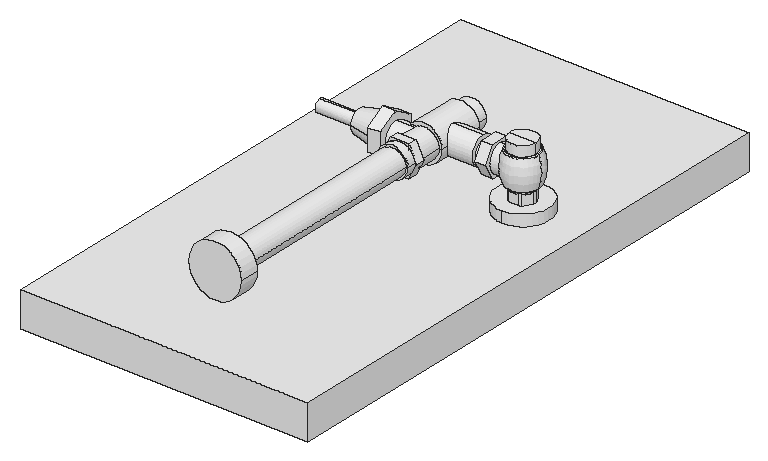
Revit family "Flush_valve-Manual-Zurn-Exposed-Water_closet-Z6200", category Plumbing Fixtures, host Face, Revit 2022
Family settings
  Host = Face
  Round Connector Dimension = Use Radius
  Part Type = Normal
  OmniClass Number = 23.45.05.14.99
  OmniClass Title = Other Sanitary Washing Plumbing Fixtures
  Cut with Voids When Loaded = No
  Maintain Annotation Orientation = No
  Shared = No
  Room Calculation Point = No
Parameters (values of type "Load Family Type Catalog")
  Waste Connection = 1 = 0  # no
  WFU = 0  # constant formula
  Vent Connection = 1 = 0  # no
  Valve Height [instance] = 16.00"
  Type Comments = "Z6200-HET (1.28 GPF, 11-1/2\" R-I)"
  Repair Parts URL = "https://files.zurn.com/care-cleaning-install-warranty-sheets/fv1116.pdf"
  Product data URL = "https://www.bimobject.com/en-us/zurnindustries/product/zurn_z6200"
  Product Page URL = "https://www.zurn.com/products/finish-plumbing/manual-flush-valves/piston/z6200"
  Product Installation Sheet URL = "https://files.zurn.com/care-cleaning-install-warranty-sheets/fv1116.pdf"
  Product Documentation Link = "https://files.zurn.com/spec-sheets/ss%20z6200%20less%20than%201.6%20gpf.pdf"
  Operating Water Pressure (PSI) = "25 – 80 PSI (172 – 552 kPa)"  # constant formula
  Modified Date = "08/11/2025"  # constant formula
  Max Working Water Temperature = 104 °F  # constant formula
  Manufacturer Brand = "Zurn"  # constant formula
  Main Material = Chrome-Plated Brass - Zurn - Polished
  Inlet Connection Size (inch) = 1.00"  # constant formula
  HWFU = 0  # constant formula
  HW Connection = 1 = 0  # no
  Flush Rate (GPF) = "1.1 GPF"
  Enter Value of  Centerline of Flush Valve to Wall (2.25- 4.25) [instance] = 0.00"
  URL = "https://www.zurn.com/"
  Model = "Z6200"  # constant formula
  Manufacturer = "Zurn Water, LLC"  # constant formula
  Description = "Metroflush Piston-Operated Flush Valve for Water Closet"  # constant formula
  Default Elevation = 48.00"
  Date Created = "08/11/2025"  # constant formula
  Centerline of Stop Valve to Centerline of Flush Valve = 4.75"  # constant formula
  Centerline of Flush Valve to Wall [instance] = if([Enter Value of  Centerline of Flush Valve to Wall (2.25- 4.25)] < 2.25", 2.25", if([Enter Value of  Centerline of Flush Valve to Wall (2.25- 4.25)] > 4.25", 4.25", [Enter Value of  Centerline of Flush Valve to Wall (2.25- 4.25)]))  # 2.25"
  CWFU = 1  # constant formula
  CW Connection = 1 = 1  # yes
  Assembly Code = "D2010.60"
  Activation Method = "Manual Operated"  # constant formula
Reference planes (in)
  plane 1 "Center (Front/Back)": y = 0
  plane 2: z = 0
  plane 3 "Center (Left/Right)": x = 0
  plane 4: y = 0
  plane 5: x = 4.75
  plane 6: z = 2.25
  plane 7: z = 2.25
  plane 8: x = 1.44
  plane 9: z = 2.25
  plane 10: y = 22.38
  plane 11: x = -1.2
  plane 12: x = -1.5
  plane 13: y = 13.63
  plane 14: y = 13.13
  plane 15: y = 12.63
  plane 16: z = -2
  plane 17: y = 16
  plane 18: z = 0.625
  plane 19: y = 10.515
  plane 20: y = 9.95
Forms (in)
  Extrusion 1, solid, material "Chrome-Plated Brass - Zurn - Polished" <- "Main Material"
    sketch origin (20.08675, -5.08734, 0) x (1, 0, 0) y (0, 1, 0)
      loop
        line (-28.30267, 32.83734) -> (-28.30267, 1.43535) -> (-11.87083, 1.43535) -> (-11.87083, 32.83734) -> (-28.30267, 32.83734)
    from 0 to -2
  Revolve 2, solid, material "Chrome-Plated Brass - Zurn - Polished" <- "Main Material"
    sketch origin (3.14024, -180, 2.25) x (-1, 0, 0) y (0, -1, 0)
      loop
        line (3.14024, -192.63) -> (3.14024, -181.34) -> (2.39024, -181.34) -> (2.39024, -192.63) -> (3.14024, -192.63)
      axis (3.14024, -192.63) -> (3.14024, -181.34)
    angle from 0 to 360
  Extrusion 3, solid, material "Chrome-Plated Brass - Zurn - Polished" <- "Main Material", detail levels fine
    sketch origin (-21.97181, 22.38, 48) x (-1, 0, 0) y (0, 0, 1)
      loop
        line (-22.4793, -44.871) -> (-22.98679, -45.75) -> (-22.4793, -46.629) -> (-21.33031, -46.629) -> (-20.88983, -45.86605) -> (-21.46432, -44.871) -> (-22.4793, -44.871)
    from -8.75 to -9.25
  Extrusion 4, solid, material "Chrome-Plated Brass - Zurn - Polished" <- "Main Material", detail levels fine
    sketch origin (0, 0, 0) x (1, 0, 0) y (0, 0, 1)
      loop
        circle (0, 2.25) r 0.86693
    from -13.13 to -12.63
  Extrusion 5, solid, material "Chrome-Plated Brass - Zurn - Polished" <- "Main Material"
    sketch origin (0, 18.18451, 2.25) x (0, 1, 0) y (-1, 0, 0)
      loop
        circle (-2.18451, -4.75) r 1.5
    from -1.625 to -2.25
  Extrusion 6, solid, material "Chrome-Plated Brass - Zurn - Polished" <- "Main Material"
    sketch origin (0, 18.18451, 2.25) x (0, 1, 0) y (-1, 0, 0)
      loop
        circle (-2.18451, -4.75) r 0.625
    from 0 to -1.625
  Extrusion 7, solid, material "Chrome-Plated Brass - Zurn - Polished" <- "Main Material", detail levels coarse+medium
    sketch origin (0, 0, 0) x (1, 0, 0) y (0, 0, 1)
      loop
        circle (0, 2.25) r 1.08
    from -13.63 to -12.63
Lines and regions (in)
  Masking region 1
    outline origin (0, 0, 0) x (1, 0, 0) y (0, 0, 1)
      loop
        line (-5.75, 1.91) -> (-3.5, 1.91) -> (-3.5, 1.611) -> (-2.14, 1.31222) -> (-2.14, 1.01343) -> (-1.35524, 1.01343)
        arc (-1.35524, 1.01343) -> (0.27363, 0.43592) -> (1.65968, 1.4682) r 1.8346
        line (1.65968, 1.4682) -> (2.82524, 1.4682) -> (2.82524, 1.24) -> (3.67284, 1.24) -> (3.67284, 0.625) -> (3.25, 0.625) -> (3.25, 0) -> (6.25, 0) -> (6.25, 0.625) -> (5.84, 0.625) -> (5.84, 3.7) -> (3.66, 3.7) -> (3.66, 3.26) -> (2.82524, 3.26) -> (2.82524, 3.03116) -> (1.65999, 3.03116)
        arc (1.65999, 3.03116) -> (0.27399, 4.06403) -> (-1.35524, 3.48657) r 1.8346
        line (-1.35524, 3.48657) -> (-2.14, 3.48657) -> (-2.14, 3.18778) -> (-3.5, 2.889) -> (-3.5, 2.59) -> (-5.75, 2.59) -> (-5.75, 1.91)
  symbolic lines, detail levels fine
    curve 1: arc (16.13166, 1.53838, 0) -> (16.10438, 1.57544, 0) -> (16.06088, 1.56041, 0) r 0.03882
    curve 2: arc (16.01901, -1.49785, 0) -> (16.0878, -1.52321, 0) -> (16.13166, -1.46447, 0) r 0.06127
Dimensions and locks (in)
  locked: plane 4 to plane 1 "Center (Front/Back)"
  "Centerline of Stop Valve to Centerline of Flush Valve": plane 3 "Center (Left/Right)" to plane 5
  "Centerline of Flush Valve to Wall": plane 6 to Extrusion 1
  locked: plane 7 to plane 6
  locked: plane 3 "Center (Left/Right)" to plane 8 at 1.44
  locked: nested 2 to plane 9 at 1.45
  locked: nested 3 to Revolve 2 sketch curve at 0.75
  locked: plane 11 to plane 3 "Center (Left/Right)" at 1.2
  locked: plane 12 to plane 3 "Center (Left/Right)" at 1.5
  locked: plane 14 to plane 15 at 0.5
  equal spacing: Extrusion 1 sketch curve, plane 3 "Center (Left/Right)", Extrusion 1 sketch curve
  locked: Extrusion 1 sketch curve to Extrusion 1 sketch curve at 16.43183
  locked: plane 4 to Extrusion 1 sketch curve at 3.652
  locked: level to plane 16 at 2
  "Valve Height": plane 17 to plane 4
  locked: plane 18 to level at 0.625
  plane 15 to plane 19 = 2.115"
  locked: plane 15 to plane 20 at 2.68
  locked: plane 13 to plane 14 at 0.5
  locked: plane 17 to plane 13 at 2.37
  equal spacing: Masking region 1 sketch curve, nested 3, Masking region 1 sketch curve  (x2)
  locked: Masking region 1 sketch curve to Masking region 1 sketch curve at 0.68
  Masking region 1 sketch curve to Masking region 1 sketch curve = 2.47314"
  equal spacing: Masking region 1 sketch curve, plane 5, Masking region 1 sketch curve  (x2)
  locked: Masking region 1 sketch curve to Masking region 1 sketch curve at 2.18
  locked: Masking region 1 sketch curve to Masking region 1 sketch curve at 3
  equal spacing: Masking region 1 sketch curve, plane 9, Masking region 1 sketch curve
  locked: Masking region 1 sketch curve to Masking region 1 sketch curve at 2.02
  Extrusion 1 to Masking region 1 = 13.96592"
  aligned and locked: nested 1 to plane 3 "Center (Left/Right)"
  aligned and locked: nested 1 to plane 4
  aligned and locked: nested 1 to plane 7
  aligned and locked: nested 3 to plane 6
  aligned and locked: nested 3 to plane 3 "Center (Left/Right)"
  aligned and locked: plane 7 to plane 9
  aligned and locked: Revolve 2 sketch curve to plane 3 "Center (Left/Right)"
  aligned and locked: Extrusion 3 to plane 14
  aligned and locked: nested 1 to Extrusion 4 sketch curve  (x2)
  aligned and locked: Extrusion 4 to Extrusion 3
  aligned and locked: Extrusion 4 to plane 15
  aligned and locked: plane 17 to nested 2
  aligned and locked: plane 5 to Extrusion 5 sketch curve
  aligned and locked: plane 17 to Extrusion 5 sketch curve
  aligned and locked: Extrusion 5 to Extrusion 1
  aligned and locked: plane 18 to Extrusion 5
  aligned and locked: nested 2 to Extrusion 6 sketch curve
  aligned and locked: plane 17 to Extrusion 6 sketch curve
  aligned and locked: Extrusion 6 to Extrusion 5
  aligned and locked: Revolve 2 sketch curve to Extrusion 4
  aligned and locked: Revolve 2 sketch curve to Revolve 2 sketch curve
  aligned and locked: nested 3 to plane 17
  aligned and locked: plane 13 to Extrusion 3
  aligned and locked: nested 1 to Extrusion 7 sketch curve  (x2)
  aligned and locked: plane 13 to Extrusion 7
  aligned and locked: Extrusion 7 to plane 15
  aligned and locked: Masking region 1 sketch curve to nested 3  (x4)
  aligned and locked: nested 3 to Masking region 1 sketch curve  (x2)
  aligned and locked: Masking region 1 sketch curve to nested 2  (x3)
  aligned and locked: Extrusion 1 to Masking region 1 sketch curve
  aligned and locked: Masking region 1 sketch curve to Extrusion 5  (x2)
  aligned and locked: plane 3 "Center (Left/Right)" to Masking region 1 sketch curve
  aligned and locked: nested 1 to Masking region 1 sketch curve  (x3)
  aligned and locked: nested 1 to Revolve 2 sketch curve
Automatic sketch dimensions
  plane 1 "Center (Front/Back)" to curve 2 = 1.46447"
  plane 5 to curve 2 = 11.32039"
  curve 2 to curve 1 = 0.02245"
  curve 1 to plane 1 "Center (Front/Back)" = 1.53838"
  curve 2 to curve 2 = 0.05138"
  curve 1 to curve 1 = 0.03196"
  curve 1 to curve 1 = 0.03882"
  curve 2 to curve 2 = 0.06127"
  Extrusion 3 sketch curve to plane 3 "Center (Left/Right)" = 0.6415"
  Extrusion 3 sketch curve to plane 6 = 0.11605"
  Extrusion 1 sketch curve to Extrusion 1 sketch curve = 31.402"
  Revolve 2 sketch curve to plane 15 = 0.00"
  plane 1 "Center (Front/Back)" to Revolve 2 sketch curve = 0.69"
  Extrusion 3 sketch curve to plane 6 = 0.00"
  Extrusion 3 sketch curve to plane 3 "Center (Left/Right)" = 0.50749"
  plane 3 "Center (Left/Right)" to Extrusion 3 sketch curve = 0.50749"  (x2)
  Extrusion 3 sketch curve to plane 8 = 0.42502"
  plane 11 to Extrusion 3 sketch curve = 0.11801"
  Extrusion 3 sketch curve to plane 6 = 0.879"
  plane 6 to Extrusion 3 sketch curve = 0.879"
  plane 12 to Masking region 1 sketch curve = 0.14476"  (x2)
  plane 8 to Masking region 1 sketch curve = 0.21968"
  plane 8 to Masking region 1 sketch curve = 0.21999"
  Masking region 1 sketch curve to Masking region 1 sketch curve = 0.8476"
  Masking region 1 sketch curve to Masking region 1 sketch curve = 0.29878"  (x2)
  Masking region 1 sketch curve to Masking region 1 sketch curve = 0.299"  (x2)
  radius of Extrusion 4 sketch curve = 0.86693"
  radius of Extrusion 5 sketch curve = 1.50"
  radius of Extrusion 6 sketch curve = 0.625"
  radius of Extrusion 7 sketch curve = 1.08"
Nested families (in)
  nested 1: "1.Part_Tube_ genric" at (0, -3.28111, 2.25) x (-1, 0, 0) z (0, 1, 0), type "1.Part_Tube_ genric"
  nested 2: "3. Stop Valve" at (4.75, 16, 2.2375) x (-1, 0, 0) z (0, 0, 1), type "Family2"
  nested 3: "Z6200_ head" at (0, 13.063, 2.25) x (-1, 0, 0) z (0, 1, 0), type "Z6200_ head"
Connectors (in)
  piping at (4.75, 16, 0), diameter 2, driven by "Inlet Connection Size (inch)", driven by "CW Connection"
    settings: on Extrusion 5, index 1, connector inside diameter 24", connector length 0.00", flow factor 0, pipe flow 0 GPM, pressure drop 0.00 psi, fitting loss kfactor 0, connector angle 0.00°, fixture units 0, engagement length 0.00", angle of deflection 0.00°, flow configuration 0, flow direction 1, fitting loss method 0, system type 20, joint type 0, gender type 0, connector reference index -1, connector utility 1, adjustable connector no, is connector primary yes, connector description "Domestic water inlet"
Definition of nested family "1.Part_Tube_ genric"
  Parameters (values of type "1.Part_Tube_ genric")
    Default Elevation = 48.00"
  Reference planes (in)
    plane 1 "Center (Front/Back)": y = 0
    plane 2: z = 3.28111
    plane 3 "Center (Left/Right)": x = 0
    plane 4: x = -1.5
    plane 5: x = 1.5
    plane 6: z = 4.37111
    plane 7: z = 4.62111
  Forms (in)
    Extrusion 1, solid, detail levels fine
      sketch origin (0, 0, 3.28111) x (1, 0, 0) y (0, 1, 0)
        loop
          circle (0, 0) r 1.5
      from 0 to 1.09
    Extrusion 2, solid, detail levels fine
      sketch origin (0, 0, 3.28111) x (1, 0, 0) y (0, 1, 0)
        loop
          line (1.14898, -0.00001) -> (0.57452, 0.995) -> (-0.57453, 0.995) -> (-1.14898, 0.00001) -> (-0.57452, -0.995) -> (0.57453, -0.995) -> (1.14898, -0.00001)
      from 1.09 to 1.34
    Revolve 3, solid, detail levels coarse+medium
      sketch origin (0, 0, 0) x (1, 0, 0) y (0, 0, 1)
        loop
          line (-1.14898, 4.62111) -> (-1.14898, 4.37111) -> (-1.5, 4.37111) -> (-1.5, 3.28111) -> (0, 3.28111) -> (0, 4.62111) -> (-1.14898, 4.62111)
        axis (0, 4.62111) -> (0, 3.28111)
      angle from 0 to 360
  Dimensions and locks (in)
    equal spacing: plane 5, plane 3 "Center (Left/Right)", plane 4, locked at 1.5 each
    locked: plane 3 "Center (Left/Right)" to plane 4 at 1.5
    locked: plane 6 to level at 1.09
    locked: plane 7 to plane 6 at 0.25
    equal spacing: Extrusion 2 sketch curve, plane 1 "Center (Front/Back)", Extrusion 2 sketch curve
    locked: Extrusion 2 sketch curve to Extrusion 2 sketch curve at 1.99
    equal spacing: Extrusion 2 sketch curve, plane 3 "Center (Left/Right)", Extrusion 2 sketch curve  (x2)
    locked: Extrusion 2 sketch curve to Extrusion 2 sketch curve at 1.99011
    locked: Extrusion 2 sketch curve to Extrusion 2 sketch curve at 1.99009
    locked: Extrusion 2 sketch curve to Extrusion 2 sketch curve (angle 120.00°)  (x5)
    angle Extrusion 2 sketch curve to Extrusion 2 sketch curve = 120.00°
    aligned and locked: plane 2 to level
    aligned and locked: plane 3 "Center (Left/Right)" to Extrusion 1 sketch curve
    aligned and locked: plane 1 "Center (Front/Back)" to Extrusion 1 sketch curve
    aligned and locked: plane 6 to Extrusion 1
    aligned and locked: plane 7 to Extrusion 2
    aligned and locked: Extrusion 2 to Extrusion 1
    aligned and locked: Revolve 3 sketch curve to Extrusion 2
    aligned and locked: plane 6 to Revolve 3 sketch curve
    aligned and locked: Revolve 3 sketch curve to plane 4
    aligned and locked: Revolve 3 sketch curve to level
    aligned and locked: Revolve 3 sketch curve to plane 3 "Center (Left/Right)"  (x2)
    aligned and locked: Extrusion 2 to Revolve 3 sketch curve
  Automatic sketch dimensions
    Revolve 3 sketch curve to level = 0.41"
    plane 7 to Revolve 3 sketch curve = 0.50"
    radius of Extrusion 1 sketch curve = 1.50"
Definition of nested family "3. Stop Valve"
  Parameters (values of type "Family2")
    Default Elevation = 0.00"
  Reference planes (in)
    plane 1 "Center (Front/Back)": y = 0
    plane 2: z = 0
    plane 3 "Center (Left/Right)": x = 0
  Dimensions and locks (in)
    aligned and locked: plane 2 to level
  Nested families (in)
    nested 1: "Stop Valve_ plumbing Fixture_ Genric Template" at (0, 0, 0) x (-1, 0, 0) z (0, -1, 0), type "3.Part_ Stop Valve"
  Definition of nested family "Stop Valve_ plumbing Fixture_ Genric Template"
    Parameters (values of type "3.Part_ Stop Valve")
      Stop Body Finish = none
      Default Elevation = 48.00"
      Assembly Code = ""
    Reference planes (in)
      plane 1 "Center (Front/Back)": y = 0
      plane 2: z = 0
      plane 3 "Center (Left/Right)": x = 0
      plane 4: x = -3.1
      plane 5 "Middle Plane": z = 0
      plane 6: x = 0
      plane 7: x = -3.1
    Forms (in)
      Revolve 1, solid, material <- "Stop Body Finish", detail levels fine
        sketch origin (5.11008, 2.28141, 0) x (-1, 0, 0) y (0, -1, 0)
          loop
            line (4.36008, 3.18991) -> (4.25498, 3.18991)
            arc (4.25498, 3.18991) -> (4.22986, 3.18245) -> (4.21289, 3.16248) r 0.046
            arc (4.21289, 3.16248) -> (4.03022, 2.31942) -> (4.19363, 1.47241) r 2.15
            line (4.19363, 1.47241) -> (4.27508, 1.47241)
            arc (4.27508, 1.47241) -> (4.36347, 1.4358) -> (4.40008, 1.34741) r 0.125
            line (4.40008, 1.34741) -> (4.40008, 1.29134) -> (4.46008, 1.18741) -> (5.11008, 1.18741) -> (5.11008, 3.74391) -> (4.36008, 3.74391) -> (4.36008, 3.18991)
          axis (5.11008, 3.74391) -> (5.11008, 1.18741)
        angle from 0 to 360
      Revolve 2, solid, material <- "Stop Body Finish", detail levels fine
        sketch origin (5.11008, 2.29491, 0) x (-1, 0, 0) y (0, -1, 0)
          loop
            line (6.40484, 2.29491) -> (6.40484, 3.07741) -> (4.98008, 3.07741) -> (4.98008, 2.29491) -> (6.40484, 2.29491)
          axis (4.98008, 2.29491) -> (6.40484, 2.29491)
        angle from 0 to 360
      Extrusion 3, solid, material <- "Stop Body Finish", detail levels fine
        sketch origin (0, 0.96642, 0) x (1, 0, 0) y (0, 0, -1)
          loop
            line (-0.70575, -0.07761) -> (-0.42009, -0.57239)
            arc (-0.42009, -0.57239) -> (-0.355, -0.61488) -> (-0.28566, -0.65) r 0.71
            line (-0.28566, -0.65) -> (0.28566, -0.65)
            arc (0.28566, -0.65) -> (0.355, -0.61488) -> (0.42009, -0.57239) r 0.71
            line (0.42009, -0.57239) -> (0.70575, -0.07761)
            arc (0.70575, -0.07761) -> (0.71, 0) -> (0.70575, 0.07761) r 0.71
            line (0.70575, 0.07761) -> (0.42009, 0.57239)
            arc (0.42009, 0.57239) -> (0.355, 0.61488) -> (0.28566, 0.65) r 0.71
            line (0.28566, 0.65) -> (-0.28566, 0.65)
            arc (-0.28566, 0.65) -> (-0.355, 0.61488) -> (-0.42009, 0.57239) r 0.71
            line (-0.42009, 0.57239) -> (-0.70575, 0.07761)
            arc (-0.70575, 0.07761) -> (-0.71, 0) -> (-0.70575, -0.07761) r 0.71
        from 0 to 0.70508
      Extrusion 4, solid, material <- "Stop Body Finish", detail levels fine
        sketch origin (-1.29476, 0, 0) x (0, 0, -1) y (0, -1, 0)
          loop
            line (-0.50085, 0.8675) -> (-1.0017, 0) -> (-0.50085, -0.8675) -> (0.50085, -0.8675) -> (1.0017, 0) -> (0.50085, 0.8675) -> (-0.50085, 0.8675)
        from 0 to 0.63
      Extrusion 5, solid, detail levels fine
        sketch origin (-1.92476, 0, 0) x (0, 0, -1) y (0, -1, 0)
          loop
            circle (0, 0) r 0.6385
        from 0 to 1.17524
      Extrusion 6, solid, detail levels coarse+medium
        sketch origin (0, 0, 0) x (1, 0, 0) y (0, 0, 1)
          loop
            circle (0, 0) r 1.085
        from 1.4625 to -1.6715
      Revolve 7, solid, detail levels coarse+medium
        sketch origin (0, 0, 0) x (1, 0, 0) y (0, 1, 0)
          loop
            line (-3.1, 0) -> (0, 0) -> (0, 0.7825) -> (-1.29476, 0.7825) -> (-1.29476, 0.995) -> (-1.92476, 0.995) -> (-1.92476, 0.64096) -> (-3.1, 0.64096) -> (-3.1, 0)
          axis (-3.1, 0) -> (0, 0)
        angle from 0 to 360
    Cuts and joins
      joined: Revolve 1, Revolve 2, Extrusion 3, Extrusion 4
    Lines and regions (in)
      model lines, not visible
        curve 1: circle (0, -1.4625, 0) r 0.75 normal (0, -1, 0)
        curve 2: circle (0, 1.6715, 0.02784) r 0.71055 normal (0, -1, 0)
        curve 3: line (-1.29476, -0.7825, 0) -> (-0.93627, -0.7825, 0)
        curve 4: line (-0.93627, -0.7825, 0) -> (-0.89082, -0.9085, 0)
        curve 5: line (-0.75, -1.4625, 0) -> (-0.75, -0.9085, 0)
        curve 8: arc (0.86386, -0.9085, 0) -> (1.07581, -0.05543, 0) -> (0.91645, 0.809, 0) r 2.07986
        curve 9: line (0.71055, 1.6715, 0) -> (0.71055, 0.809, 0)
        curve 10: line (-0.71, 1.6715, 0) -> (-0.71, 0.809, 0)
        curve 11: line (-0.92722, 0.7825, 0) -> (-1.29476, 0.7825, 0)
      model lines, not visible, detail levels coarse+medium
        curve 6: line (0.75, -1.4625, 0) -> (0.75, -0.9085, 0)
        curve 7: line (0.75, -0.9085, 0) -> (0.86386, -0.9085, 0)
    Dimensions and locks (in)
      plane 3 "Center (Left/Right)" to plane 4 = 3.10"
      locked: plane 1 "Center (Front/Back)" to Revolve 7 sketch curve at 0.64096
      plane 1 "Center (Front/Back)" to Revolve 7 sketch curve = 0.995"
      locked: plane 5 "Middle Plane" to level
      locked: plane 6 to plane 3 "Center (Left/Right)"
      locked: plane 7 to plane 6 at 3.1
      aligned and locked: level to plane 2
      aligned and locked: plane 1 "Center (Front/Back)" to Extrusion 5 sketch curve
      aligned and locked: level to Extrusion 5 sketch curve
      aligned and locked: Extrusion 5 to plane 4
      aligned and locked: plane 3 "Center (Left/Right)" to Extrusion 6 sketch curve
      aligned and locked: level to Extrusion 6 sketch curve
      aligned and locked: Extrusion 6 to curve 2
      aligned and locked: Extrusion 6 to curve 1
      aligned and locked: Revolve 7 sketch curve to plane 3 "Center (Left/Right)"
      aligned and locked: plane 1 "Center (Front/Back)" to Revolve 7 sketch curve  (x2)
      aligned and locked: Revolve 7 sketch curve to cut or joined group of Revolve 1, Revolve 2, Extrusion 3, Extrusion 4  (x2)
      aligned and locked: Revolve 7 sketch curve to curve 11
      aligned and locked: plane 4 to Revolve 7 sketch curve
Definition of nested family "Z6200_ head"
  Parameters (values of type "Z6200_ head")
    Repair Parts URL = ""
    Product data URL = ""
    Product Weight (lbs) = 0
    Product Page URL = ""
    Product Installation Sheet URL = ""
    Product Documentation Link = ""
    Operating Water Pressure (PSI) = ""
    Modified Date = ""
    Max Working Water Temperature = -459.67 °F
    Manufacturer Brand = ""
    Main Material = none
    Inlet Connection Size (inch) = 0.00"
    Flush Rate (GPF) = ""
    Flow Rate (GPM) = 0 GPM
    Default Elevation = 48.00"
    Date Created = ""
    Aerator Flow Rate (GPM) = 0.0 gal
    Activation Method = ""
  Reference planes (in)
    plane 1 "Center (Front/Back)": y = 0
    plane 2: z = 0
    plane 3 "Center (Left/Right)": x = 0
    plane 4: z = 4.43
    plane 5: z = 5.237
    plane 6: z = 1.6
    plane 7: x = 1.45
    plane 8: x = 2.14
    plane 9: x = 3.5
    plane 10: x = 5.75
    plane 11: z = 2.937
    plane 12: x = -2.5
    plane 13: x = 1.0435
  Forms (in)
    Extrusion 1, solid, material <- "Main Material"
      sketch origin (0, 0, 0) x (1, 0, 0) y (0, 1, 0)
        loop
          circle (0, 0) r 0.817
      from 4.43 to 5.237
    Extrusion 2, solid, material <- "Main Material"
      sketch origin (0, 0, 0) x (0, 1, 0) y (0, 0, 1)
        loop
          circle (0, 1.6) r 0.764
      from 0 to 1.45
    Extrusion 3, solid, material <- "Main Material", detail levels coarse+medium
      sketch origin (0, 0, 0) x (0, 1, 0) y (0, 0, 1)
        loop
          circle (0, 1.6) r 0.639
      from 2.14 to 3.5
    Extrusion 4, solid, material <- "Main Material", detail levels coarse+medium
      sketch origin (0, 0, 0) x (0, 1, 0) y (0, 0, 1)
        loop
          circle (0, 1.6) r 1.0563
      from 2.14 to 1.45
    Revolve 5, solid, material <- "Main Material"
      sketch origin (0, 0, 0) x (1, 0, 0) y (0, 0, 1)
        loop
          line (0, 1.8) -> (1.0435, 1.8) -> (1.0435, 4.43) -> (0, 4.43) -> (0, 1.8)
        axis (0, 4.43) -> (0, 1.8)
      angle from 0 to 360
    Extrusion 6, solid, material <- "Main Material"
      sketch origin (0, 0, 0) x (1, 0, 0) y (0, 1, 0)
        loop
          circle (0, 0) r 0.8545
      from 0 to 1.8
    Extrusion 7, solid, material <- "Main Material", detail levels fine
      sketch origin (0, 0, 0) x (0, 1, 0) y (0, 0, 1)
        loop
          line (-0.61828, 2.6563) -> (-1.23657, 1.5854) -> (-0.61828, 0.5145) -> (0.61828, 0.5145) -> (1.23657, 1.5854) -> (0.61828, 2.6563) -> (-0.61828, 2.6563)
      from 1.45 to 2.14
    Extrusion 8, solid, material <- "Main Material"
      sketch origin (0, 0, 0) x (0, 1, 0) y (0, 0, 1)
        loop
          circle (0, 1.6) r 0.34
      from 3.5 to 5.75
    Extrusion 9, solid, material <- "Main Material"
      sketch origin (0, 0, 0) x (0, 1, 0) y (0, 0, 1)
        loop
          circle (0, 2.937) r 0.7813
      from -2.5 to 0
    Revolve 10, solid, material <- "Main Material", detail levels fine
      sketch origin (0, 0, 0) x (1, 0, 0) y (0, 0, 1)
        loop
          line (2.14, 1.6) -> (3.5, 1.6) -> (3.5, 2.239) -> (2.14, 2.53492) -> (2.14, 1.6)
        axis (2.14, 1.6) -> (3.5, 1.6)
      angle from 0 to 360
  Dimensions and locks (in)
    plane 5 to plane 4 = 0.807"
    plane 6 to level = 1.60"  (x2)
    locked: plane 7 to plane 3 "Center (Left/Right)" at 1.45
    locked: plane 8 to plane 7 at 0.69
    plane 9 to plane 3 "Center (Left/Right)" = 3.50"
    locked: plane 10 to plane 3 "Center (Left/Right)" at 5.75
    plane 11 to level = 2.937"
    plane 3 "Center (Left/Right)" to plane 12 = 2.50"
    Extrusion 7 sketch curve to plane 6 to Extrusion 7 sketch curve = 1.0636" locked, 1.0782" locked
    Extrusion 7 sketch curve to plane 6 to Extrusion 7 sketch curve = 1.0563" locked, 1.0855"
    Extrusion 7 sketch curve to plane 6 to Extrusion 7 sketch curve = 1.0782" locked, 1.0636" locked
    plane 13 to plane 3 "Center (Left/Right)" = 1.0435"
    plane 4 to level = 4.43"
    radius of Extrusion 6 sketch curve = 0.8545"
    radius of Extrusion 8 sketch curve = 0.34"
    aligned and locked: plane 2 to level
    aligned and locked: Extrusion 1 to plane 4
    aligned and locked: plane 5 to Extrusion 1
    aligned and locked: Extrusion 6 to level
    aligned and locked: plane 7 to Extrusion 2
    aligned and locked: Extrusion 2 to plane 3 "Center (Left/Right)"
    aligned and locked: plane 8 to Extrusion 7
    aligned and locked: Extrusion 7 to Extrusion 2
    aligned and locked: plane 9 to Extrusion 3
    aligned and locked: Extrusion 3 to Extrusion 7
    aligned and locked: plane 10 to Extrusion 8
    aligned and locked: Extrusion 7 to Extrusion 4
    aligned and locked: plane 3 "Center (Left/Right)" to Extrusion 9
    aligned and locked: Extrusion 9 to plane 12
    aligned and locked: plane 3 "Center (Left/Right)" to Extrusion 1 sketch curve
    aligned and locked: plane 1 "Center (Front/Back)" to Extrusion 1 sketch curve
    aligned and locked: plane 6 to Revolve 10 sketch curve
    aligned and locked: Revolve 10 sketch curve to plane 9
    aligned and locked: plane 8 to Revolve 10 sketch curve
    aligned and locked: Revolve 10 sketch curve to plane 6
Types in the file's own list only (12): name | Type Comments | Inlet Connection Size (inch) | Flush Rate (GPF) | Default Elevation | Centerline of Stop Valve to Centerline of Flush Valve
  Z6200-HET (1.28 GPF, 11-1/2") | "Z6200-HET (1.28 GPF, 11-1/2\" R-I)" | 1.00 " | "1.28 GPF" | 48.00 " | 4.75 "
  Z6200-WS1-DF (1.6 GPF / 1.1 GPF, 11-1/2") | "Z6200-WS1-DF (1.6 GPF / 1.1 GPF, 11-1/2\" R-I)" | 1.00 " | "1.6 GPF / 1.1 GPF" | 48.00 " | 4.75 "
  Z6200-WS1 (1.6 GPF, 11-1/2") | "Z6200-WS1 (1.6 GPF, 11-1/2\" R-I)" | 1.00 " | "1.6 GPF" | 48.00 " | 4.75 "
  Z6200-1-HET (1.28 GPF, 16") | "Z6200-1-HET (1.28 GPF, 16\" R-I)" | 1.00 " | "1.28 GPF" | 48.00 " | 4.75 "
  Z6200-1-WS1-DF (1.6 GPF / 1.1 GPF, 16") | "Z6200-1-WS1-DF (1.6 GPF / 1.1 GPF, 16\" R-I)" | 1.00 " | "1.6 GPF / 1.1 GPF" | 48.00 " | 4.75 "
  Z6200-1-WS1 (1.6 GPF, 16") | "Z6200-1-WS1 (1.6 GPF, 16\" R-I)" | 1.00 " | "1.6 GPF" | 48.00 " | 4.75 "
  Z6200-2-HET (1.28 GPF, 24") | "Z6200-2-HET (1.28 GPF, 24\" R-I)" | 1.00 " | "1.28 GPF" | 48.00 " | 4.75 "
  Z6200-2-WS1-DF (1.6 GPF / 1.1 GPF, 24") | "Z6200-2-WS1-DF (1.6 GPF / 1.1 GPF, 24\" R-I)" | 1.00 " | "1.6 GPF / 1.1 GPF" | 48.00 " | 4.75 "
  Z6200-2-WS1 (1.6 GPF, 24") | "Z6200-2-WS1 (1.6 GPF, 24\" R-I)" | 1.00 " | "1.6 GPF" | 48.00 " | 4.75 "
  Z6200-3-HET (1.28 GPF, 27") | "Z6200-3-HET (1.28 GPF, 27\" R-I)" | 1.00 " | "1.28 GPF" | 48.00 " | 4.75 "
  Z6200-3-WS1-DF (1.6 GPF / 1.1 GPF, 27") | "Z6200-3-WS1-DF (1.6 GPF / 1.1 GPF, 27\" R-I)" | 1.00 " | "1.6 GPF / 1.1 GPF" | 48.00 " | 4.75 "
  Z6200-3-WS1 (1.6 GPF, 27") | "Z6200-3-WS1 (1.6 GPF, 27\" R-I)" | 1.00 " | "1.6 GPF" | 48.00 " | 4.75 "
